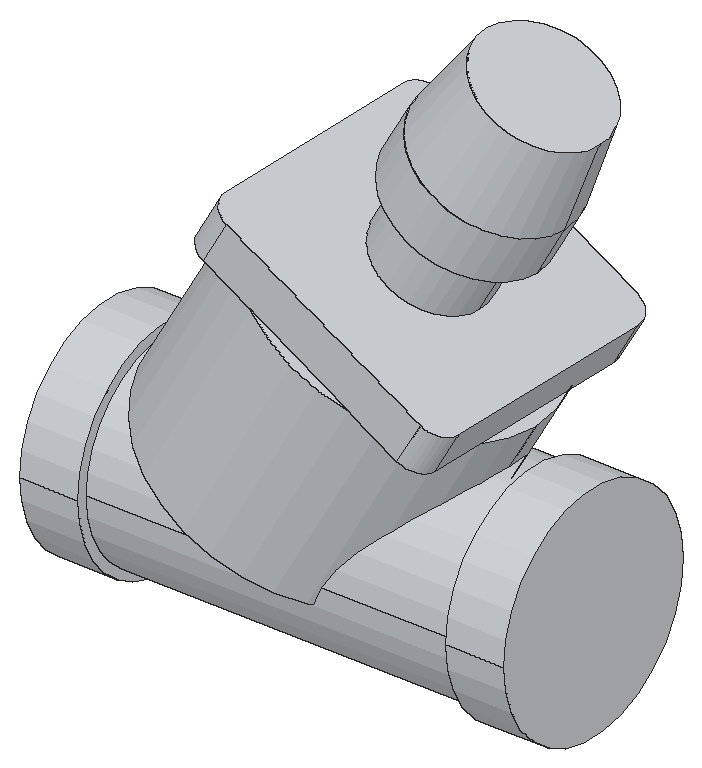
Revit family "OPTIMA_Compact_MM_DN32_5,0_RFA_2019", category Pipe Accessories, Revit 2019
Family settings
  Round Connector Dimension = Use Diameter
  Part Type = Valve - Breaks Into
  Work Plane-Based = No
  Always vertical = Yes
  Cut with Voids When Loaded = No
  Shared = No
Parameters (values of type "OPTIMA Compact DN32 M-M 5.5mm")
  magiProductId = "9229f6b2647a4beea29cfed7a0464e"
  magiProductFamilyId = "78ecc78dd0e54fb5aa8a98aef7d402"
  magiPartTypeId = 304
  isMeasuringValve [instance] = no
  ang2D [instance] = 0.00°
  Z = 1 mm
  X = 13 mm
  W2D = 32 mm
  VersionID = "2.0/2018.8.28.1/FRESE_OPTIMA-COMPACT-MM_001"
  Use Minimum Symbol Size [instance] = yes
  URL = "www.hydronic.cz"
  Type Comments = "vnější závit; PN25; 0~120°C, bez měřicích vsuvek"
  R9 = 8 mm
  R8 = 14 mm
  R7 = 17 mm
  R6 = 12 mm
  R5 = 5 mm
  R4 = 29 mm
  R3 = 31.5 mm
  R2 = 22 mm
  R1 = 24 mm
  QmdConnectorList = "301;D;302;D"
  Productdata [instance] = ""
  PLG0 = no
  Manufacturer = "Hydronic Systems Prague s.r.o."
  MC Product Code = "53-1314  (6/4\" M-M; 5.5mm; Qmin-dpmin 550l/h-17.9kPa; Qmax-dpmin 4001l/h-28.0kPa; dpmax 800kPa)"
  MC Piping Given Pressure Drop [instance] = 0.0 Pa
  LL = 52 mm
  L3 = 12.5 mm
  L2D_Min = 3048 mm
  L2D = 104 mm
  L2 = 79.04 mm
  L1__ve = -L1  # -12.48 mm
  L1 = 12.48 mm
  H6__ve = -H6  # -66 mm
  H6 = 66 mm
  H5 = 20 mm
  H4 = 12 mm
  H3 = 16 mm
  H2 = 10 mm
  H1 = 46 mm
  Description = "Tlakově nezávislý 2-cestný regulační vyvažovací ventil (PICV)"
  D = 32 mm
  A = 30.00°
Types (8, lengths in mm): name | magiProductId | Z | X | R4 | R3 | R2 | R1 | MC Product Code | LL | L3 | L2 | L1__ve | L1 | H6__ve | H6 | H5 | H3 | H2 | H1 | D
  OPTIMA Compact DN32 M-M 5.5mm | "9229f6b2647a4beea29cfed7a0464e" | 1 | 13 | 29 | 31.5 | 22 | 24 | "53-1314  (6/4\" M-M; 5.5mm; Qmin-dpmin 550l/h-17.9kPa; Qmax-dpmin 4001l/h-28.0kPa; dpmax 800kPa)" | 52 | 12.5 | 79.04 | -12.48 | 12.48 | -66 | 66 | 20 | 16 | 10 | 46 | 32
  OPTIMA Compact DN15 M-M 2.5mm | "cf91b4957677408aaed6de7f8e707d" | 0 | 7 | 19 | 19 | 12 | 13 | "53-1304  (3/4\" M-M; 2.5mm; Qmin-dpmin 100l/h-14.9kPa; Qmax-dpmin 575l/h-18.5kPa; dpmax 800kPa)" | 32.5 | 11 | 49.4 | -7.8 | 7.8 | -55 | 55 | 20 | 18 | 8 | 26 | 15
  OPTIMA Compact DN15 M-M 5.0mm | "3da7abe28dc3494da6d3a7ef2edb11" | 0 | 7 | 19 | 19 | 12 | 13 | "53-1305  (3/4\" M-M; 5.0mm; Qmin-dpmin 220l/h-16.0kPa; Qmax-dpmin 1330l/h-21.6kPa; dpmax 800kPa)" | 32.5 | 11 | 49.4 | -7.8 | 7.8 | -55 | 55 | 20 | 18 | 8 | 26 | 15
  OPTIMA Compact DN20 M-M 5.0mm | "dbf1ea5749af4e6bb74c096f7a23b2" | 0 | 10 | 19 | 19 | 13.5 | 16.5 | "53-1308  (1\" M-M; 5.0mm; Qmin-dpmin 220l/h-16.0kPa; Qmax-dpmin 1330l/h-21.6kPa; dpmax 800kPa)" | 35 | 11 | 53.2 | -8.4 | 8.4 | -58.5 | 58.5 | 20 | 18 | 8 | 26 | 20
  OPTIMA Compact DN20 M-M 5.5mm | "a40c776a67e54a899e920652842cb9" | 0 | 10 | 19 | 19 | 13.5 | 16.5 | "53-1311  (1\" M-M; 5.5mm; Qmin-dpmin 300l/h-17.8kPa; Qmax-dpmin 1800l/h-40.0kPa; dpmax 800kPa)" | 35 | 11 | 53.2 | -8.4 | 8.4 | -58.5 | 58.5 | 20 | 18 | 8 | 26 | 20
  OPTIMA Compact DN25 M-M 5.5mm | "c9531e40f709430d814b4200686e37" | 0 | 13 | 29 | 31.5 | 18.5 | 21 | "53-1313  (5/4\" M-M; 5.5mm; Qmin-dpmin 600l/h-17.3kPa; Qmax-dpmin 3609l/h-23.0kPa; dpmax 800kPa)" | 52 | 12.5 | 79.04 | -12.48 | 12.48 | -63 | 63 | 20 | 16 | 10 | 43 | 25
  OPTIMA Compact DN10 M-M 2.5mm | "719160033de540c9acf49957212ec3" | 0 | 7 | 19 | 19 | 9 | 10.5 | "53-1300  (1/2\" M-M; 2.5mm; Qmin-dpmin 30l/h-14.3kPa; Qmax-dpmin 200l/h-15.8kPa; dpmax 800kPa)" | 32.5 | 11 | 49.4 | -7.8 | 7.8 | -52.5 | 52.5 | 17 | 18 | 8 | 30 | 10
  OPTIMA Compact DN10 M-M 5.0mm | "5a6cfbbfc7584f5c989f475761ae24" | 0 | 7 | 19 | 19 | 9 | 10.5 | "53-1309  (1/2\" M-M; 5.0mm; Qmin-dpmin 65l/h-14.6kPa; Qmax-dpmin 370l/h-17.2kPa; dpmax 800kPa)" | 32.5 | 11 | 49.4 | -7.8 | 7.8 | -52.5 | 52.5 | 17 | 18 | 8 | 30 | 10
Reference planes
  plane 1 "Center (Front/Back)": y = 0
  plane 2 "XYPLANE": z = 0
  plane 3 "Center (Left/Right)": x = 0
  plane 4 "267": x = 12.5
  plane 5 "266": x = -12.5
  plane 6 "252": through (-597.019, 0, 465.933) normal (0.5, 0, 0.866)
  plane 7 "250": through (-607.019, 0, 448.612) normal (0.5, 0, 0.866)
  plane 8 "248": through (-613.019, 0, 438.22) normal (0.5, 0, 0.866)
  plane 9 "245": through (-621.019, 0, 424.363) normal (0.5, 0, 0.866)
  plane 10 "241": through (338.627, 0, 670.519) normal (0.866, 0, -0.5)
  plane 11 "240": through (388.856, 0, 641.519) normal (0.866, 0, -0.5)
  plane 12 "239": y = -29
  plane 13 "238": y = 29
  plane 14 "237": through (-626.019, 0, 415.703) normal (0.5, 0, 0.866)
  plane 15 "235": through (-649.019, 0, 375.866) normal (0.5, 0, 0.866)
  plane 16 "231": y = 0
  plane 17 "230": through (363.742, 0, 656.019) normal (0.866, 0, -0.5)
  plane 18 "211": x = -39.52
  plane 19 "204": x = 52
  plane 20 "203": x = -52
  plane 21 "202": x = 0
  plane 22 "201": z = 0
  plane 23 "200": y = 0
  plane 24 "227XY": through (-649.519, 0, 375) normal (0.5, 0, 0.866)
  plane 25 "227XZ": y = 0
  plane 26 "227YZ": through (375, 0, 649.519) normal (0.866, 0, -0.5)
Forms (mm)
  Extrusion 1, solid, visible <- "PLG0"
    sketch origin (-750, 0, 0) x (1, 0, 0) y (0, 1, 0)
      loop
        circle (762.5, 0) r 8
    from 0 to -66 <- "H6__ve"
  Extrusion 2, solid, visible <- "PLG0"
    sketch origin (-750, 0, 0) x (1, 0, 0) y (0, 1, 0)
      loop
        circle (737.5, 0) r 8
    from 0 to -66 <- "H6__ve"
  Blend 3, solid
    base sketch origin (-607.019, 0, 448.612) x (0.866025, 0, -0.5) y (0, 1, 0)
      loop
        circle (737, 0) r 17
    top sketch origin (-607.019, 0, 448.612) x (0.866025, 0, -0.5) y (0, 1, 0)
      loop
        circle (737, 0) r 14
    from 0 to 20
  Extrusion 4, solid
    sketch origin (-613.019, 0, 438.22) x (0.866025, 0, -0.5) y (0, 1, 0)
      loop
        circle (737, 0) r 17
    from 0 to 12 <- "H4"
  Extrusion 5, solid
    sketch origin (-621.019, 0, 424.363) x (0.866025, 0, -0.5) y (0, 1, 0)
      loop
        circle (737, 0) r 12
    from 0 to 16 <- "H3"
  Extrusion 6, solid
    sketch origin (-626.019, 0, 415.703) x (0.866025, 0, -0.5) y (0, 1, 0)
      loop
        arc (713, 29) -> (709.464, 27.536) -> (708, 24) r 5
        line (708, 24) -> (708, -24)
        arc (708, -24) -> (709.464, -27.536) -> (713, -29) r 5
        line (713, -29) -> (761, -29)
        arc (761, -29) -> (764.536, -27.536) -> (766, -24) r 5
        line (766, -24) -> (766, 24)
        arc (766, 24) -> (764.536, 27.536) -> (761, 29) r 5
        line (761, 29) -> (713, 29)
    from 0 to 10 <- "H2"
  Extrusion 7, solid
    sketch origin (-649.019, 0, 375.866) x (0.866025, 0, -0.5) y (0, 1, 0)
      loop
        circle (737, 0) r 31.5
    from 0 to 46 <- "H1"
  Extrusion 8, solid
    sketch origin (-39.52, -750, 0) x (0, 1, 0) y (0, 0, 1)
      loop
        circle (750, 0) r 22
    from 0 to 79.04 <- "L2"
  Extrusion 9, solid
    sketch origin (52, -750, 0) x (0, 1, 0) y (0, 0, 1)
      loop
        circle (750, 0) r 24
    from 0 to -12.48 <- "L1__ve"
  Extrusion 10, solid
    sketch origin (-52, -750, 0) x (0, 1, 0) y (0, 0, 1)
      loop
        circle (750, 0) r 24
    from 0 to 12.48 <- "L1"
  Extrusion 11, solid, not visible
    sketch origin (52, -750, 0) x (0, 1, 0) y (0, 0, 1)
      loop
        circle (750, 0) r 10
    from 0 to -10
  Extrusion 12, solid, not visible
    sketch origin (-52, -750, 0) x (0, 1, 0) y (0, 0, 1)
      loop
        circle (750, 0) r 10
    from 0 to 10
Lines and regions (mm)
  reference lines, not visible
    curve 1: circle (2, 2, 0) r 1 normal (0, 0, 1)
Dimensions and locks
  plane 1 "Center (Front/Back)" to curve 1 = 2 mm
  "L3": plane 3 "Center (Left/Right)" to plane 4 "267"
  "L3": plane 3 "Center (Left/Right)" to plane 5 "266"
  "H5": plane 7 "250" to plane 6 "252"
  "H4": plane 8 "248" to plane 7 "250"
  "H3": plane 9 "245" to plane 8 "248"
  "H2": plane 14 "237" to plane 9 "245"
  "R4": plane 17 "230" to plane 10 "241"
  "R4": plane 17 "230" to plane 11 "240"
  "R4": plane 23 "200" to plane 12 "239"
  "R4": plane 23 "200" to plane 13 "238"
  "H1": plane 15 "235" to plane 14 "237"
  "Z": plane 24 "227XY" to plane 15 "235"
  locked: plane 23 "200" to plane 16 "231"
  "X": plane 26 "227YZ" to plane 17 "230"
  "L1": plane 20 "203" to plane 18 "211"
  "LL": plane 3 "Center (Left/Right)" to plane 19 "204"
  "LL": plane 3 "Center (Left/Right)" to plane 20 "203"
  locked: plane 3 "Center (Left/Right)" to plane 21 "202"
  locked: plane 2 "XYPLANE" to plane 22 "201"
  locked: plane 1 "Center (Front/Back)" to plane 23 "200"
  Extrusion 6 sketch curve to Extrusion 6 sketch curve = 0 mm  (x16)
  "R9": radius of Extrusion 1 sketch curve
  "R9": radius of Extrusion 2 sketch curve
  "R8": radius of Blend 3 sketch curve
  "R7": radius of Blend 3 sketch curve
  "R7": radius of Extrusion 4 sketch curve
  "R6": radius of Extrusion 5 sketch curve
  "R5": radius of Extrusion 6 sketch curve  (x4)
  "R3": radius of Extrusion 7 sketch curve
  "R2": radius of Extrusion 8 sketch curve
  "R1": radius of Extrusion 9 sketch curve
  "R1": radius of Extrusion 10 sketch curve
  aligned and locked: level to plane 2 "XYPLANE"
  aligned and locked: plane 4 "267" to Extrusion 1 sketch curve
  aligned and locked: plane 23 "200" to Extrusion 1 sketch curve
  aligned and locked: plane 5 "266" to Extrusion 2 sketch curve
  aligned and locked: plane 23 "200" to Extrusion 2 sketch curve
  aligned and locked: plane 16 "231" to Blend 3 sketch curve  (x2)
  aligned and locked: Blend 3 sketch curve to plane 17 "230"  (x2)
  aligned and locked: plane 6 "252" to Blend 3
  aligned and locked: plane 16 "231" to Extrusion 4 sketch curve
  aligned and locked: Extrusion 4 sketch curve to plane 17 "230"
  aligned and locked: plane 16 "231" to Extrusion 5 sketch curve
  aligned and locked: Extrusion 5 sketch curve to plane 17 "230"
  aligned and locked: Extrusion 6 sketch curve to plane 10 "241"
  aligned and locked: Extrusion 6 sketch curve to plane 12 "239"
  aligned and locked: Extrusion 6 sketch curve to plane 11 "240"
  aligned and locked: plane 13 "238" to Extrusion 6 sketch curve
  aligned and locked: plane 16 "231" to Extrusion 7 sketch curve
  aligned and locked: Extrusion 7 sketch curve to plane 17 "230"
  aligned and locked: plane 22 "201" to Extrusion 8 sketch curve
  aligned and locked: Extrusion 8 sketch curve to plane 23 "200"
  aligned and locked: plane 22 "201" to Extrusion 9 sketch curve
  aligned and locked: Extrusion 9 sketch curve to plane 23 "200"
  aligned and locked: plane 22 "201" to Extrusion 10 sketch curve
  aligned and locked: Extrusion 10 sketch curve to plane 23 "200"
  aligned and locked: plane 22 "201" to Extrusion 11 sketch curve
  aligned and locked: Extrusion 11 sketch curve to plane 23 "200"
  aligned and locked: plane 22 "201" to Extrusion 12 sketch curve
  aligned and locked: Extrusion 12 sketch curve to plane 23 "200"
Automatic sketch dimensions
  plane 1 "Center (Front/Back)" to Extrusion 11 sketch curve = 10 mm
  plane 1 "Center (Front/Back)" to Extrusion 12 sketch curve = 10 mm
  plane 3 "Center (Left/Right)" to curve 1 = 2 mm
  radius of curve 1 = 1 mm
Connectors
  piping at (-52, 0, 0), diameter 32, driven by "D"
    settings: on Extrusion 12, index 1, connector inside diameter 609.6 mm, connector length 0 mm, flow factor 0, pipe flow 0.0 L/s, pressure drop 0.0 Pa, fitting loss kfactor 0, connector angle 0.00°, fixture units 0, engagement length 0 mm, angle of deflection 0.00°, flow configuration 0, flow direction 0, fitting loss method 0, system type 29, joint type 0, gender type 0, connector reference index 2, connector utility 0, adjustable connector no, is connector primary yes, connector description ""
  piping at (52, 0, 0), diameter 32, driven by "D"
    settings: on Extrusion 11, index 2, connector inside diameter 609.6 mm, connector length 0 mm, flow factor 0, pipe flow 0.0 L/s, pressure drop 0.0 Pa, fitting loss kfactor 0, connector angle 0.00°, fixture units 0, engagement length 0 mm, angle of deflection 0.00°, flow configuration 0, flow direction 0, fitting loss method 0, system type 29, joint type 0, gender type 0, connector reference index 1, connector utility 0, adjustable connector no, is connector primary no, connector description ""
